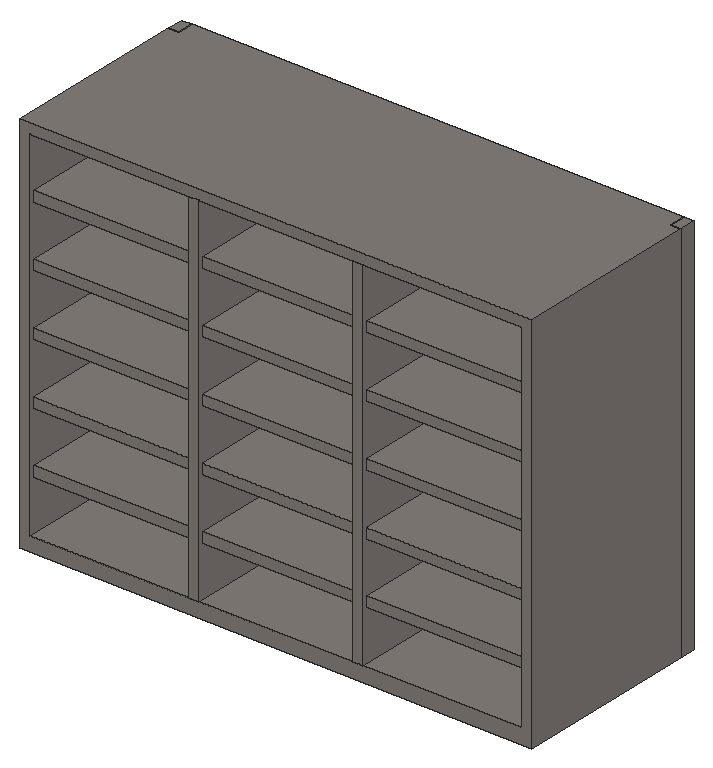
Revit family "Cabinet-Teknion-CEUPL_Upper_Cabinet_Pigeonholes-R2022", category Furniture, Revit 2023
Family settings
  OmniClass Number = 23.40.20.00
  OmniClass Title = General Furniture and Specialties
  Work Plane-Based = No
  Enable Cutting in Views = No
  Always vertical = Yes
  Cut with Voids When Loaded = No
  Render Appearance Source = Family Geometry
  Shared = Yes
  Room Calculation Point = No
Parameters (values of type "Height 27")
  Width [instance] = 36.000"
  Warranty = "http://www.teknion.com/ca/papers/legal-canada"
  Vertical Divider Gap [instance] = if(Width = 36.000", 11.533", if(Width = 33.000", 10.533", 9.533"))  # 11.533"
  Unit Weight URL = "http://www.teknion.com/ca/tools/assets#&asset=bee6a381-b954-425e-8283-5a2de3a804f2,f828d448-4b62-4231-9e5f-9a8991c0ed77"
  URL = "www.teknion.com"
  To render please download texture images found here [instance] = "https://assets.teknion.com/web/5e81352c1dfdb467/revit-material-swatches/"
  Sustainability Data = "https://www.teknion.com/ca/tools/assets#&topic=216f99a5-57a0-44fc-b10a-9dee9b29ae4c&asset=444deb64-fe58-4b68-981e-f75e97781df7,b4ff2d81-9f2e-437d-9659-7cffb09c31cf"
  Series = "Expansion Casework+"  # constant formula
  Right Groove Light Connection [instance] = no
  Right Groove Connection [instance] = if(or(None Groove Light Connection, Right Groove Light Connection), 4.845", 1.000")  # 1.000"
  Right End Panel [instance] = yes
  Product Page URL = "https://www.teknion.com/ca//products/product-details?productLineId=30ca1270-8e7a-673b-a6c8-ff05004460c4"
  Product Line = "Upper Cabinets"  # constant formula
  Product Documentation Link = "https://www.teknion.com/pricing/expansion-casework/pdfs/CEUPS_ppg.pdf"
  Part Number = "CEUPL"  # constant formula
  None Groove Light Connection [instance] = no
  No Light Management [instance] = no
  Model = "CEUPL15_27"
  Manufacturer Phone = "416-661-3370"  # constant formula
  Manufacturer Fax = "416.661.4586"  # constant formula
  Manufacturer Contact Information = "http://www.teknion.com/ca/contactus"
  Manufacturer Address = "1150 Flint Road, Toronto, ON. M3J 2J5. Canada"  # constant formula
  Manufacturer = "Teknion"  # constant formula
  Light Management [instance] = "Please pick one below:"  # constant formula
  Left Groove Light Connection [instance] = yes
  Left Groove Connection [instance] = if(or(None Groove Light Connection, Left Groove Light Connection), 4.845", if(No Light Management, 39.000", 1.000"))  # 4.845"
  Left End Panel [instance] = yes
  Integrated End Panel [instance] = "Please pick one below:"  # constant formula
  How To Use Teknion Materials User Guide [instance] = "https://assets.teknion.com/m/205dd0a49fa58060/original/How-to-add-a-Material-Library-and-Texture-Images-to-your-Revit-project.pdf"
  Height = 27.000"
  For Additional Finishes please visit [instance] = "https://assets.teknion.com/m/44a8009b046e5d47/original/Teknion_Materials_Library.zip"
  Description = "Upper Cabinet – Pigeonholes,15\"D,27\"H"
  Default Elevation = 0.000"
  Case Finish [instance] = Veneer - Teknion - 5P - Flintwood - Poppy Seed
  Both Groove Light Connection [instance] = no
  Available Width [instance] = "12\", 15\", 18\", 21\", 24\", 27\", 30\", 33\", 36\""  # constant formula
  Assembly Code = "E2020200"
  8 Shelves [instance] = Height = 36.000"  # no
  7 Shelves [instance] = Height = 33.000"  # no
  6 Shelves [instance] = Height = 30.000"  # no
  5 Shelves [instance] = Height = 27.000"  # yes
  2 Vertical Divider [instance] = or(Width = 30.000", Width = 33.000", Width = 36.000")  # yes
  2 Doors [instance] = Width > 21.000"  # yes
  1 Vertical Divider [instance] = or(Width = 21.000", Width = 24.000", Width = 27.000")  # no
  1 Door [instance] = not([2 Doors])  # no
Types (5): name | Right Groove Light Connection | Right Groove Connection | No Light Management | Model | Left Groove Light Connection | Left Groove Connection | Height | Description | Case Finish | Both Groove Light Connection | 8 Shelves | 7 Shelves | 6 Shelves | 5 Shelves
  (no name) | no | 1.000" | no | "CEUPL15_27" | yes | 4.845" | 27.000" | "Upper Cabinet – Pigeonholes,15\"D,27\"H" | Veneer - Teknion - 5P - Flintwood - Poppy Seed | no | no | no | no | yes
  Height 36 | no | 1.000" | yes | "CEUPL15_36" | no | 39.000" | 36.000" | "Upper Cabinet – Pigeonholes,15\"D,36\"H" | Veneer - Teknion - FX - Flintwood - Flax | no | yes | no | no | no
  Height 33 | yes | 4.845" | no | "CEUPL15_33" | no | 1.000" | 33.000" | "Upper Cabinet – Pigeonholes,15\"D,33\"H" | Source Laminate - Teknion - XM - Maple | no | no | yes | no | no
  Height 30 | no | 1.000" | no | "CEUPL15_30" | no | 1.000" | 30.000" | "Upper Cabinet – Pigeonholes,15\"D,30\"H" | Veneer-Teknion-VZ-Flintwood-Blond_Maple | yes | no | no | yes | no
  Height 27 | no | 1.000" | no | "CEUPL15_27" | yes | 4.845" | 27.000" | "Upper Cabinet – Pigeonholes,15\"D,27\"H" | Veneer - Teknion - 5P - Flintwood - Poppy Seed | no | no | no | no | yes
Reference planes (in)
  plane 1 "Center Front/Back": y = -8.01181
  plane 2: z = 0
  plane 3 "Center Left/Right": x = 18
  plane 4 "Left": x = 0
  plane 5 "Right": x = 36
  plane 6 "Back": y = 0
  plane 7 "Front": y = -16.02362
  plane 8 "Top": z = 81
  plane 9: z = 54
  plane 10: x = 12.2335
  plane 11: x = 23.7665
  plane 12: x = 9
  plane 13: x = 27
  plane 14: x = -2.29921
  plane 15: x = 38.29921
Forms (in)
  Sweep 1, solid, material "Veneer - Teknion - 5P - Flintwood - Poppy Seed" <- "Case Finish"
    path origin (0, 0, 0) x (1, 0, 0) y (0, 1, 0)
      loop
        line (18, -1.11811) -> (18, -14.16142)
    profile origin (18, -7.63976, 0) x (1, 0, 0) y (0, 0, 1)
      loop
        line (-18, 81) -> (-18, 54) -> (18, 54) -> (18, 81) -> (-18, 81)
  Sweep 2, void
    path origin (0, 0, 0) x (1, 0, 0) y (0, 1, 0)
      loop
        line (18, -1.8189) -> (18, -14.16142)
    profile origin (18, -7.99016, 0) x (1, 0, 0) y (0, 0, 1)
      loop
        line (-17.29921, 80.29921) -> (-17.29921, 55.01575) -> (17.29921, 55.01575) -> (17.29921, 80.29921) -> (-17.29921, 80.29921)
  Sweep 3, solid, material "Veneer - Teknion - 5P - Flintwood - Poppy Seed" <- "Case Finish"
    path origin (0, 0, 0) x (1, 0, 0) y (0, 1, 0)
      loop
        line (0.70079, 0) -> (35.29921, 0)
    profile origin (18, 0, 0) x (0, 1, 0) y (0, 0, 1)
      loop
        line (-1.11811, 81) -> (-1.11811, 80.29921) -> (0, 80.29921) -> (0, 81) -> (-1.11811, 81)
  Sweep 4, solid, material "Veneer - Teknion - 5P - Flintwood - Poppy Seed" <- "Case Finish", visible <- "Left End Panel"
    path origin (0, -8.01181, 0) x (1, 0, 0) y (0, 0, 1)
      loop
        line (0, 81) -> (0, 54)
    profile origin (0, -8.01181, 67.5) x (0, -1, 0) y (1, 0, 0)
      loop
        line (-8.01181, 0) -> (-6.8937, 0) -> (-6.8937, 0.70079) -> (-8.01181, 0.70079) -> (-8.01181, 0)
  Sweep 5, solid, material "Veneer - Teknion - 5P - Flintwood - Poppy Seed" <- "Case Finish", visible <- "Right End Panel"
    path origin (35.29921, -8.01181, 0) x (1, 0, 0) y (0, 0, 1)
      loop
        line (0.70079, 81) -> (0.70079, 54)
    profile origin (36, -8.01181, 67.5) x (0, -1, 0) y (1, 0, 0)
      loop
        line (-8.01181, -0.70079) -> (-6.8937, -0.70079) -> (-6.8937, 0) -> (-8.01181, 0) -> (-8.01181, -0.70079)
  Sweep 6, solid, material "Veneer - Teknion - 5P - Flintwood - Poppy Seed" <- "Case Finish", visible <- "2 Vertical Divider"
    path origin (0, -8.01181, 0) x (1, 0, 0) y (0, 0, 1)
      loop
        line (18, 80.29921) -> (18, 55.01575)
    profile origin (18, -8.01181, 67.65748) x (0, -1, 0) y (1, 0, 0)
      loop
        line (-6.19291, -6.1168) -> (6.14961, -6.1168) -> (6.14961, -5.41601) -> (-6.19291, -5.41601) -> (-6.19291, -6.1168)
      loop
        line (-6.19291, 5.41601) -> (6.14961, 5.41601) -> (6.14961, 6.1168) -> (-6.19291, 6.1168) -> (-6.19291, 5.41601)
  Sweep 7, solid, material "Veneer - Teknion - 5P - Flintwood - Poppy Seed" <- "Case Finish", visible <- "1 Vertical Divider"
    path origin (0, -8.01181, 0) x (1, 0, 0) y (0, 0, 1)
      loop
        line (18, 80.29921) -> (18, 55.01575)
    profile origin (18, -8.01181, 67.65748) x (0, -1, 0) y (1, 0, 0)
      loop
        line (-6.19291, -0.35039) -> (6.14961, -0.35039) -> (6.14961, 0.35039) -> (-6.19291, 0.35039) -> (-6.19291, -0.35039)
  Sweep 8, solid, material "Veneer - Teknion - 5P - Flintwood - Poppy Seed" <- "Case Finish", visible <- "8 Shelves"
    path origin (0, 0, 0) x (1, 0, 0) y (0, 1, 0)
      loop
        line (0.70079, -8.01181) -> (35.29921, -8.01181)
    profile origin (18, -8.01181, 0) x (0, 1, 0) y (0, 0, 1)
      loop
        line (-5.95276, 62.80577) -> (-5.95276, 62.10499) -> (6.19291, 62.10499) -> (6.19291, 62.80577) -> (-5.95276, 62.80577)
      loop
        line (-5.95276, 58.91076) -> (-5.95276, 58.20997) -> (6.19291, 58.20997) -> (6.19291, 58.91076) -> (-5.95276, 58.91076)
      loop
        line (-5.95276, 70.57218) -> (-5.95276, 69.87139) -> (6.19291, 69.87139) -> (6.19291, 70.57218) -> (-5.95276, 70.57218)
      loop
        line (-5.95276, 66.67717) -> (-5.95276, 65.97638) -> (6.19291, 65.97638) -> (6.19291, 66.67717) -> (-5.95276, 66.67717)
      loop
        line (-5.95276, 78.34646) -> (-5.95276, 77.64567) -> (6.19291, 77.64567) -> (6.19291, 78.34646) -> (-5.95276, 78.34646)
      loop
        line (-5.95276, 74.45144) -> (-5.95276, 73.75066) -> (6.19291, 73.75066) -> (6.19291, 74.45144) -> (-5.95276, 74.45144)
      loop
        line (-5.95276, 86.12073) -> (-5.95276, 85.41995) -> (6.19291, 85.41995) -> (6.19291, 86.12073) -> (-5.95276, 86.12073)
      loop
        line (-5.95276, 82.22572) -> (-5.95276, 81.52493) -> (6.19291, 81.52493) -> (6.19291, 82.22572) -> (-5.95276, 82.22572)
  Sweep 9, void
    path origin (0, -8.01181, 0) x (1, 0, 0) y (0, 0, 1)
      loop
        line (18, 54.33465) -> (18, 54)
    profile origin (18, -8.01181, 54.16732) x (0, -1, 0) y (1, 0, 0)
      loop
        line (-2.47244, 15.45421) -> (-2.47244, -19.29921)
        arc (-2.47244, -19.29921) -> (-2.09843, -19.67323) -> (-1.72441, -19.29921) r 0.37402
        line (-1.72441, -19.29921) -> (-1.72441, 15.45421)
        arc (-1.72441, 15.45421) -> (-2.09843, 15.82823) -> (-2.47244, 15.45421) r 0.37402
  Sweep 10, solid, material "Veneer - Teknion - 5P - Flintwood - Poppy Seed" <- "Case Finish", visible <- "7 Shelves"
    path origin (40, 0, 0) x (1, 0, 0) y (0, 1, 0)
      loop
        line (-39.29921, -8.01181) -> (-4.70079, -8.01181)
    profile origin (18, -8.01181, 0) x (0, 1, 0) y (0, 0, 1)
      loop
        line (-5.95276, 63.01181) -> (-5.95276, 62.31102) -> (6.19291, 62.31102) -> (6.19291, 63.01181) -> (-5.95276, 63.01181)
      loop
        line (-5.95276, 59.01378) -> (-5.95276, 58.31299) -> (6.19291, 58.31299) -> (6.19291, 59.01378) -> (-5.95276, 59.01378)
      loop
        line (-5.95276, 71.00787) -> (-5.95276, 70.30709) -> (6.19291, 70.30709) -> (6.19291, 71.00787) -> (-5.95276, 71.00787)
      loop
        line (-5.95276, 67.00984) -> (-5.95276, 66.30906) -> (6.19291, 66.30906) -> (6.19291, 67.00984) -> (-5.95276, 67.00984)
      loop
        line (-5.95276, 79.00394) -> (-5.95276, 78.30315) -> (6.19291, 78.30315) -> (6.19291, 79.00394) -> (-5.95276, 79.00394)
      loop
        line (-5.95276, 75.00591) -> (-5.95276, 74.30512) -> (6.19291, 74.30512) -> (6.19291, 75.00591) -> (-5.95276, 75.00591)
      loop
        line (-5.95276, 83.00197) -> (-5.95276, 82.30118) -> (6.19291, 82.30118) -> (6.19291, 83.00197) -> (-5.95276, 83.00197)
  Sweep 11, solid, material "Veneer - Teknion - 5P - Flintwood - Poppy Seed" <- "Case Finish", visible <- "6 Shelves"
    path origin (78, 0, 0) x (1, 0, 0) y (0, 1, 0)
      loop
        line (-77.29921, -8.01181) -> (-42.70079, -8.01181)
    profile origin (18, -8.01181, 0) x (0, 1, 0) y (0, 0, 1)
      loop
        line (-5.95276, 63.29696) -> (-5.95276, 62.59618) -> (6.19291, 62.59618) -> (6.19291, 63.29696) -> (-5.95276, 63.29696)
      loop
        line (-5.95276, 59.15636) -> (-5.95276, 58.45557) -> (6.19291, 58.45557) -> (6.19291, 59.15636) -> (-5.95276, 59.15636)
      loop
        line (-5.95276, 71.57818) -> (-5.95276, 70.87739) -> (6.19291, 70.87739) -> (6.19291, 71.57818) -> (-5.95276, 71.57818)
      loop
        line (-5.95276, 67.43757) -> (-5.95276, 66.73678) -> (6.19291, 66.73678) -> (6.19291, 67.43757) -> (-5.95276, 67.43757)
      loop
        line (-5.95276, 79.85939) -> (-5.95276, 79.15861) -> (6.19291, 79.15861) -> (6.19291, 79.85939) -> (-5.95276, 79.85939)
      loop
        line (-5.95276, 75.71879) -> (-5.95276, 75.018) -> (6.19291, 75.018) -> (6.19291, 75.71879) -> (-5.95276, 75.71879)
  Sweep 12, solid, material "Veneer - Teknion - 5P - Flintwood - Poppy Seed" <- "Case Finish", visible <- "5 Shelves"
    path origin (118, 0, 0) x (1, 0, 0) y (0, 1, 0)
      loop
        line (-117.29921, -8.01181) -> (-82.70079, -8.01181)
    profile origin (18, -8.01181, 0) x (0, 1, 0) y (0, 0, 1)
      loop
        line (-5.95276, 63.67717) -> (-5.95276, 62.97638) -> (6.19291, 62.97638) -> (6.19291, 63.67717) -> (-5.95276, 63.67717)
      loop
        line (-5.95276, 59.34646) -> (-5.95276, 58.64567) -> (6.19291, 58.64567) -> (6.19291, 59.34646) -> (-5.95276, 59.34646)
      loop
        line (-5.95276, 68.00787) -> (-5.95276, 67.30709) -> (6.19291, 67.30709) -> (6.19291, 68.00787) -> (-5.95276, 68.00787)
      loop
        line (-5.95276, 76.66929) -> (-5.95276, 75.9685) -> (6.19291, 75.9685) -> (6.19291, 76.66929) -> (-5.95276, 76.66929)
      loop
        line (-5.95276, 72.33858) -> (-5.95276, 71.6378) -> (6.19291, 71.6378) -> (6.19291, 72.33858) -> (-5.95276, 72.33858)
Cuts and joins
  Sweep 2, Sweep 9 cuts Sweep 1
  joined: Sweep 1, Sweep 3
Lines and regions (in)
  Masking region 1
    outline origin (0, 0, 0) x (1, 0, 0) y (0, 1, 0)
      loop
        line (0, -14.16142) -> (36, -14.16142) -> (36, -1.11811) -> (35.29921, -1.11811) -> (35.29921, 0) -> (0.70079, 0) -> (0.70079, -1.11811) -> (0, -1.11811) -> (0, -14.16142)
  Masking region 2, visible <- "Left End Panel"
    outline origin (0, 0, 0) x (1, 0, 0) y (0, 1, 0)
      loop
        line (0, 0) -> (0, -1.11811) -> (0.70079, -1.11811) -> (0.70079, 0) -> (0, 0)
  Masking region 3, visible <- "Right End Panel"
    outline origin (0, 0, 0) x (1, 0, 0) y (0, 1, 0)
      loop
        line (35.29921, 0) -> (35.29921, -1.11811) -> (36, -1.11811) -> (36, 0) -> (35.29921, 0)
  symbolic lines, style "FurnitureHiddenLines", detail levels medium+fine
    curve 1: line (0, -1.11811, 0) -> (36, -1.11811, 0)
    curve 2: line (35.29921, -1.8189, 0) -> (0.70079, -1.8189, 0)
    curve 3: line (0.70079, -14.16142, 0) -> (0.70079, -1.8189, 0)
    curve 4: line (35.29921, -14.16142, 0) -> (35.29921, -1.8189, 0)
    curve 5: line (11.8832, -1.8189, 0) -> (11.8832, -14.16142, 0)
    curve 6: line (12.58399, -14.16142, 0) -> (12.58399, -1.8189, 0)
    curve 7: line (17.64961, -1.8189, 0) -> (17.64961, -14.16142, 0)
    curve 8: line (18.35039, -14.16142, 0) -> (18.35039, -1.8189, 0)
    curve 9: line (23.41601, -1.8189, 0) -> (23.41601, -14.16142, 0)
    curve 10: line (24.1168, -14.16142, 0) -> (24.1168, -1.8189, 0)
    curve 11: line (0.70079, -13.96457, 0) -> (35.29921, -13.96457, 0)
  symbolic lines, style "FurnitureHiddenLines", visible <- "None Groove Light Connection", detail levels medium+fine
    curve 12: line (33.45421, -5.53937, 0) -> (-1.29921, -5.53937, 0)
    curve 13: arc (-1.29921, -5.53937, 0) -> (-1.67323, -5.91339, 0) -> (-1.29921, -6.2874, 0) r 0.37402
    curve 14: line (-1.29921, -6.2874, 0) -> (33.45421, -6.2874, 0)
    curve 15: arc (33.45421, -6.2874, 0) -> (33.82823, -5.91339, 0) -> (33.45421, -5.53937, 0) r 0.37402
  symbolic lines, style "FurnitureHiddenLines", visible <- "Right Groove Light Connection", detail levels medium+fine
    curve 16: line (36, -5.53937, 0) -> (-1.29921, -5.53937, 0)
    curve 17: arc (-1.29921, -5.53937, 0) -> (-1.67323, -5.91339, 0) -> (-1.29921, -6.2874, 0) r 0.37402
    curve 18: line (-1.29921, -6.2874, 0) -> (36, -6.2874, 0)
  symbolic lines, style "FurnitureHiddenLines", visible <- "Left Groove Light Connection", detail levels medium+fine
    curve 19: line (33.45421, -5.53937, 0) -> (0, -5.53937, 0)
    curve 20: arc (33.45421, -6.2874, 0) -> (33.82823, -5.91339, 0) -> (33.45421, -5.53937, 0) r 0.37402
    curve 21: line (0, -6.2874, 0) -> (33.45421, -6.2874, 0)
  symbolic lines, style "FurnitureHiddenLines", visible <- "Both Groove Light Connection", detail levels medium+fine
    curve 22: line (0, -5.53937, 0) -> (36, -5.53937, 0)
    curve 23: line (0, -6.2874, 0) -> (36, -6.2874, 0)
Dimensions and locks (in)
  "Width": plane 4 "Left" to plane 5 "Right"
  locked: plane 6 "Back" to plane 7 "Front" at 16.02362
  plane 8 "Top" to level = 81.000"
  equal spacing: plane 6 "Back", plane 1 "Center Front/Back", plane 7 "Front"
  equal spacing: plane 4 "Left", plane 3 "Center Left/Right", plane 5 "Right"
  "Height": plane 8 "Top" to plane 9
  locked: plane 9 to plane 2 at 54
  plane 6 "Back" to Sweep 1 sketch curve to Sweep 1 sketch curve = 1.11811" locked, 13.04331" locked
  locked: plane 6 "Back" to Sweep 2 sketch curve at 1.8189
  locked: Sweep 2 sketch curve to plane 5 "Right" at 0.70079
  locked: Sweep 2 sketch curve to plane 4 "Left" at 0.70079
  locked: Sweep 2 sketch curve to plane 9 at 1.01575
  locked: plane 8 "Top" to Sweep 2 sketch curve at 0.70079
  equal spacing: plane 10, plane 3 "Center Left/Right", plane 11
  "Vertical Divider Gap": plane 10 to plane 11
  locked: plane 4 "Left" to Sweep 3 sketch curve at 0.70079
  locked: Sweep 3 sketch curve to plane 5 "Right" at 0.70079
  Sweep 6 sketch curve to plane 10 to Sweep 6 sketch curve = 0.3503" locked, 0.35049" locked
  Sweep 6 sketch curve to plane 11 to Sweep 6 sketch curve = 0.35049" locked, 0.3503" locked
  Sweep 7 sketch curve to plane 3 "Center Left/Right" to Sweep 7 sketch curve = 0.35039" locked, 0.35039" locked
  equal spacing: plane 4 "Left", plane 12, plane 3 "Center Left/Right"
  equal spacing: plane 3 "Center Left/Right", plane 13, plane 5 "Right"
  locked: Sweep 9 sketch curve to Sweep 9 sketch curve at 0.33465
  Sweep 9 sketch curve to Sweep 9 sketch curve to plane 1 "Center Front/Back" = 0.74803" locked, 1.72441" locked
  locked: plane 5 "Right" to plane 15 at 2.29921
  locked: plane 14 to plane 4 "Left" at 2.29921
  "Left Groove Connection": Sweep 9 sketch curve to plane 15
  "Right Groove Connection": plane 14 to Sweep 9 sketch curve
  locked: Sweep 8 sketch curve to Sweep 8 sketch curve at 0.70079  (x8)
  locked: Sweep 8 sketch curve to plane 9 at 4.20997
  Sweep 8 sketch curve to Sweep 8 sketch curve to Sweep 8 sketch curve to Sweep 8 sketch curve to Sweep 8 sketch curve to Sweep 8 sketch curve to Sweep 8 sketch curve to Sweep 8 sketch curve = 3.89501" locked, 3.87139" locked, 3.89501" locked, 3.87927" locked, 3.89501" locked, 3.87927" locked, 3.89501" locked
  locked: Sweep 10 sketch curve to Sweep 10 sketch curve at 0.70079  (x7)
  locked: Sweep 11 sketch curve to Sweep 11 sketch curve at 0.70079  (x6)
  locked: Sweep 12 sketch curve to Sweep 12 sketch curve at 0.70079  (x5)
  Sweep 10 sketch curve to Sweep 10 sketch curve to Sweep 10 sketch curve to Sweep 10 sketch curve to Sweep 10 sketch curve to Sweep 10 sketch curve to Sweep 10 sketch curve to plane 9 = 3.99803" locked, 3.99803" locked, 3.99803" locked, 3.99803" locked, 3.99803" locked, 3.99803" locked, 4.31299" locked
  Sweep 11 sketch curve to Sweep 11 sketch curve to Sweep 11 sketch curve to Sweep 11 sketch curve to Sweep 11 sketch curve to Sweep 11 sketch curve to plane 9 = 4.14061" locked, 4.14061" locked, 4.14061" locked, 4.14061" locked, 4.14061" locked, 4.45557" locked
  Sweep 12 sketch curve to Sweep 12 sketch curve to Sweep 12 sketch curve to Sweep 12 sketch curve to Sweep 12 sketch curve to plane 9 = 4.33071" locked, 4.33071" locked, 4.33071" locked, 4.33071" locked, 4.64567" locked
  plane 1 "Center Front/Back" to curve 23 to curve 22 = 1.72441" locked, 0.74803" locked
  aligned and locked: level to plane 2
  aligned and locked: Sweep 1 sketch curve to plane 3 "Center Left/Right"
  aligned and locked: Sweep 1 sketch curve to plane 8 "Top"
  aligned and locked: plane 4 "Left" to Sweep 1 sketch curve
  aligned and locked: plane 9 to Sweep 1 sketch curve
  aligned and locked: plane 5 "Right" to Sweep 1 sketch curve
  aligned and locked: Sweep 2 sketch curve to plane 3 "Center Left/Right"
  aligned and locked: Sweep 1 to Sweep 2 sketch curve
  aligned and locked: Sweep 3 sketch curve to plane 6 "Back"  (x2)
  aligned and locked: Sweep 3 sketch curve to cut or joined group of Sweep 1, Sweep 2, Sweep 3, Sweep 9  (x3)
  aligned and locked: plane 9 to Sweep 4 sketch curve
  aligned and locked: Sweep 4 sketch curve to plane 4 "Left"
  aligned and locked: plane 8 "Top" to Sweep 4 sketch curve
  aligned and locked: plane 4 "Left" to Sweep 4 sketch curve
  aligned and locked: Sweep 4 sketch curve to plane 6 "Back"
  aligned and locked: Sweep 4 sketch curve to cut or joined group of Sweep 1, Sweep 2, Sweep 3, Sweep 9  (x2)
  aligned and locked: Sweep 5 sketch curve to plane 6 "Back"
  aligned and locked: Sweep 5 sketch curve to plane 5 "Right"
  aligned and locked: Sweep 5 sketch curve to cut or joined group of Sweep 1, Sweep 2, Sweep 3, Sweep 9
  aligned and locked: cut or joined group of Sweep 1, Sweep 2, Sweep 3, Sweep 9 to Sweep 5 sketch curve
  aligned and locked: plane 5 "Right" to Sweep 5 sketch curve
  aligned and locked: plane 8 "Top" to Sweep 5 sketch curve
  aligned and locked: plane 9 to Sweep 5 sketch curve
  aligned and locked: cut or joined group of Sweep 1, Sweep 2, Sweep 3, Sweep 9 to Sweep 6 sketch curve  (x2)
  aligned and locked: Sweep 6 sketch curve to plane 3 "Center Left/Right"
  aligned and locked: Sweep 7 sketch curve to plane 3 "Center Left/Right"
  aligned and locked: cut or joined group of Sweep 1, Sweep 2, Sweep 3, Sweep 9 to Sweep 7 sketch curve  (x2)
  aligned and locked: plane 1 "Center Front/Back" to Sweep 8 sketch curve
  aligned and locked: Sweep 8 sketch curve to Sweep 6  (x8)
  aligned and locked: Sweep 8 sketch curve to Sweep 8 sketch curve  (x7)
  aligned and locked: Masking region 1 sketch curve to cut or joined group of Sweep 1, Sweep 2, Sweep 3, Sweep 9  (x5)
  aligned and locked: Masking region 1 sketch curve to Sweep 4
  aligned and locked: Masking region 1 sketch curve to Sweep 5
  aligned and locked: Masking region 2 sketch curve to Sweep 4
  aligned and locked: plane 4 "Left" to Masking region 2 sketch curve
  aligned and locked: Masking region 2 sketch curve to cut or joined group of Sweep 1, Sweep 2, Sweep 3, Sweep 9  (x2)
  aligned and locked: cut or joined group of Sweep 1, Sweep 2, Sweep 3, Sweep 9 to Masking region 3 sketch curve
  aligned and locked: Masking region 3 sketch curve to cut or joined group of Sweep 1, Sweep 2, Sweep 3, Sweep 9  (x3)
  aligned and locked: curve 1 to cut or joined group of Sweep 1, Sweep 2, Sweep 3, Sweep 9
  aligned and locked: curve 5 to Sweep 6
  aligned and locked: curve 6 to Sweep 6
  aligned and locked: curve 7 to Sweep 7
  aligned and locked: curve 8 to Sweep 7
  aligned and locked: curve 9 to Sweep 6
  aligned and locked: curve 10 to Sweep 6
  aligned and locked: nested 1 to plane 6 "Back"
  aligned and locked: plane 4 "Left" to nested 1
  aligned and locked: nested 2 to plane 6 "Back"
  aligned and locked: nested 2 to plane 5 "Right"
  aligned and locked: nested 3 to plane 4 "Left"
  aligned and locked: nested 4 to plane 5 "Right"
  aligned and locked: nested 3 to cut or joined group of Sweep 1, Sweep 2, Sweep 3, Sweep 9
  aligned and locked: cut or joined group of Sweep 1, Sweep 2, Sweep 3, Sweep 9 to nested 4
  aligned and locked: Sweep 9 sketch curve to plane 3 "Center Left/Right"
  aligned and locked: plane 9 to Sweep 9 sketch curve
  aligned and locked: Sweep 10 sketch curve to Sweep 10 sketch curve  (x5)
  aligned and locked: Sweep 11 sketch curve to Sweep 11 sketch curve  (x5)
  aligned and locked: Sweep 12 sketch curve to Sweep 12 sketch curve  (x3)
  aligned and locked: plane 1 "Center Front/Back" to Sweep 10 sketch curve
  aligned and locked: plane 1 "Center Front/Back" to Sweep 11 sketch curve
  aligned and locked: Sweep 8 to Sweep 11 sketch curve  (x2)
  aligned and locked: Sweep 8 to Sweep 10 sketch curve  (x2)
  aligned and locked: Sweep 8 to Sweep 12 sketch curve  (x2)
  aligned and locked: curve 13 to cut or joined group of Sweep 1, Sweep 2, Sweep 3, Sweep 9
  aligned and locked: curve 15 to cut or joined group of Sweep 1, Sweep 2, Sweep 3, Sweep 9
  aligned and locked: curve 17 to cut or joined group of Sweep 1, Sweep 2, Sweep 3, Sweep 9
  aligned and locked: plane 5 "Right" to curve 16
  aligned and locked: plane 5 "Right" to curve 18
  aligned and locked: curve 20 to cut or joined group of Sweep 1, Sweep 2, Sweep 3, Sweep 9
  aligned and locked: plane 4 "Left" to curve 22
  aligned and locked: plane 4 "Left" to curve 23
  aligned and locked: plane 5 "Right" to curve 22
  aligned and locked: plane 5 "Right" to curve 23
Automatic sketch dimensions
  Sweep 6 sketch curve to plane 1 "Center Front/Back" = 6.19291"  (x2)
  plane 1 "Center Front/Back" to Sweep 6 sketch curve = 6.14961"  (x2)
  Sweep 7 sketch curve to plane 1 "Center Front/Back" = 6.19291"
  plane 1 "Center Front/Back" to Sweep 7 sketch curve = 6.14961"
  plane 4 "Left" to Sweep 8 sketch curve = 0.70079"
  plane 5 "Right" to Sweep 8 sketch curve = 0.70079"
  profile plane to Sweep 8 sketch curve = 5.95276"
  Masking region 1 sketch curve to plane 6 "Back" = 1.11811"
  profile plane to Sweep 10 sketch curve = 5.95276"
  Sweep 10 sketch curve to profile plane = 6.19291"  (x3)
  Sweep 10 sketch curve to Sweep 10 sketch curve = 0.000"  (x5)
  profile plane to Sweep 11 sketch curve = 5.95276"
  Sweep 11 sketch curve to profile plane = 6.19291"  (x3)
  Sweep 11 sketch curve to Sweep 11 sketch curve = 0.000"  (x3)
  plane 1 "Center Front/Back" to Sweep 12 sketch curve = 0.000"
  profile plane to Sweep 12 sketch curve = 5.95276"
  Sweep 12 sketch curve to profile plane = 6.19291"  (x3)
  Sweep 12 sketch curve to Sweep 12 sketch curve = 0.000"  (x3)
  curve 1 to plane 4 "Left" = 0.000"
  curve 21 to plane 4 "Left" = 0.000"
  curve 19 to plane 4 "Left" = 0.000"
  curve 1 to plane 5 "Right" = 0.000"
  plane 4 "Left" to curve 3 = 0.70079"
  plane 5 "Right" to curve 4 = 0.70079"
  curve 4 to curve 1 = 0.70079"
  curve 11 to plane 7 "Front" = 2.05906"
  curve 5 to plane 7 "Front" = 1.8622"
  curve 4 to curve 11 = 0.19685"
  curve 8 to plane 7 "Front" = 1.8622"
  curve 3 to curve 11 = 0.19685"
  curve 7 to curve 8 = 0.000"
  curve 9 to plane 7 "Front" = 1.8622"
  curve 9 to curve 10 = 0.000"
  curve 5 to curve 6 = 0.000"
Nested families (in)
  nested 1: "Teknion_2D_Node_Family-R2016" at (0, 0, 0), type "Teknion_2D_Node_Family-R2016"
  nested 2: "Teknion_2D_Node_Family-R2016" at (36, 0, 0), type "Teknion_2D_Node_Family-R2016"
  nested 3: "Teknion_2D_Node_Family-R2016" at (0, -14.16142, 0), type "Teknion_2D_Node_Family-R2016"
  nested 4: "Teknion_2D_Node_Family-R2016" at (36, -14.16142, 0), type "Teknion_2D_Node_Family-R2016"
Definition of nested family "Teknion_2D_Node_Family-R2016"
  Reference planes (in)
    plane 1 "Center (Front/Back)": y = 0
    plane 2: z = 0
    plane 3 "Center (Left/Right)": x = 0
  Lines and regions (in)
    detail lines, in view "Ref. Level"
      curve 1: circle (0, 0, 0) r 1.25 normal (0, 0, 1)
      curve 2: line (1.91508, -1.91508, 0) -> (-1.91508, 1.91508, 0)
      curve 3: line (-1.91508, -1.91508, 0) -> (1.91508, 1.91508, 0)
